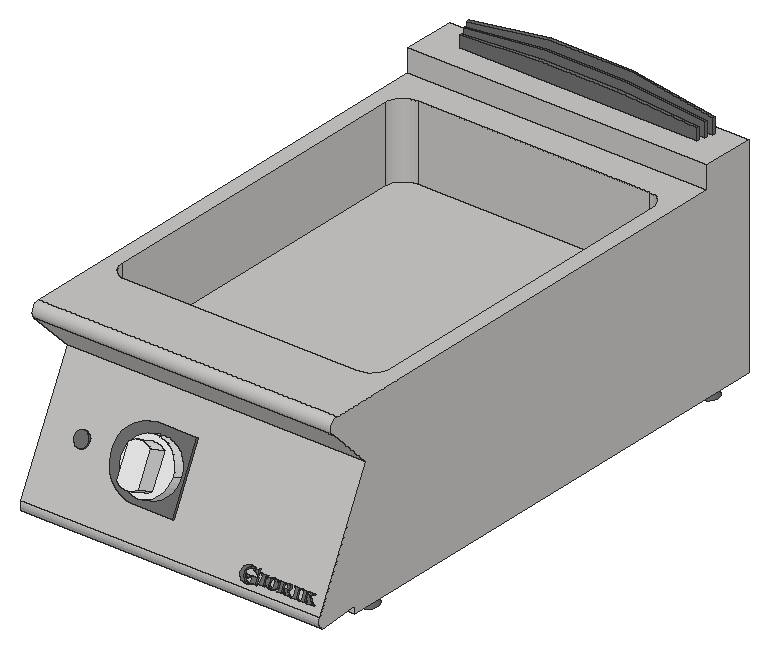
Revit family "QF_GIORIK_SP720T", category Specialty Equipment, Revit 2014
Parameters (values of type "SP720T")
  Weight in Pounds = 0
  Watts = 1380 W
  Volts = 230 V
  URL Cutsheet = "www.giorik.com"
  URL = "www.giorik.com"
  Status [instance] = ""
  Specification by User [instance] = ""
  Specification by Manufacturer = ""
  Show Logo [instance] = yes
  Show Clearance [instance] = yes
  Serial Number = ""
  Seismic Rating = ""
  SMACNA No = ""
  Revision Code [instance] = ""
  Phase = 1
  Number of Poles [instance] = 1
  NAFEM Spec ID Number = ""
  Model = "SP720T"
  Min Ckt Ampacity = 0 A
  Max Overcurrent Protection = 0 A
  Masterspec = ""
  Manufacturer = "GIORIK"
  Item Number [instance] = ""
  Installed By [instance] = ""
  Identify Quantity as Lot [instance] = no
  HP = "1.850607600000"
  Furnished By [instance] = ""
  Foodservice Equipment Identifier [instance] = yes
  FL Amps = 0 A
  Electrical Remarks [instance] = ""
  Electric Connection Type [instance] = ""
  Elec Conn RI Height [instance] = 0 mm
  Elec Conn Connection Height [instance] = 20 mm
  Description = "CHIPS SCUTTLES"
  Cycle = 50 Hz
  Conn Plug = ""
  CSI MasterFormat = ""
  Assembly Code = "E1090320"
  Apparent Power = 1380 VA
Reference planes
  plane 1 "Back": y = 0
  plane 2: z = 0
  plane 3 "Left": x = 0
  plane 4 "Right": x = 400
  plane 5 "Front": y = -720
  plane 6 "Top": z = 300
Forms (mm)
  Extrusion 1, solid, visible <- "Show Logo"
    sketch origin (196.604, -736.761, 9.486) x (-1, 0, 0) y (0, 0.452718, 0.891654)
      loop
        line (-118.824, 58.358) -> (-127.804, 58.358) -> (-125.523, 56.445) -> (-125.523, 48.027) -> (-127.804, 46.113) -> (-118.824, 46.113) -> (-121.105, 48.027) -> (-121.105, 56.445) -> (-118.824, 58.358)
      loop
        line (-163.721, 58.358) -> (-172.7, 58.358) -> (-170.42, 56.445) -> (-170.42, 48.027) -> (-172.7, 46.113) -> (-163.721, 46.113) -> (-166.001, 48.027) -> (-166.001, 56.445) -> (-163.721, 58.358)
      loop
        line (-174.332, 58.358) -> (-183.312, 58.358) -> (-181.031, 56.445) -> (-181.031, 52.435) -> (-186.419, 56.955) -> (-184.416, 58.358) -> (-191.268, 58.358) -> (-188.01, 56.839) -> (-185.455, 54.283) -> (-190.846, 47.858) -> (-193.396, 46.93) -> (-193.396, 46.113) -> (-184.416, 46.113) -> (-185.437, 47.571) -> (-182.443, 51.552) -> (-181.031, 50.894) -> (-181.031, 48.027) -> (-183.312, 46.113) -> (-174.332, 46.113) -> (-176.613, 48.027) -> (-176.613, 56.445) -> (-174.332, 58.358)
      loop
        line (-115.429, 62.063) -> (-115.429, 54.198)
        arc (-115.429, 54.198) -> (-111.618, 57.803) -> (-106.847, 59.986) r 16.039
        arc (-106.847, 59.986) -> (-103.314, 59.837) -> (-100.512, 57.68) r 5.851
        arc (-100.512, 57.68) -> (-98.815, 52.267) -> (-100.512, 46.853) r 9.479
        arc (-100.512, 46.853) -> (-102.406, 44.986) -> (-104.846, 43.93) r 7.236
        arc (-104.846, 43.93) -> (-107.728, 44.111) -> (-110.052, 45.825) r 5.11
        line (-110.052, 45.825) -> (-110.052, 52.001) -> (-116.141, 52.001) -> (-116.141, 45.503) -> (-117.893, 43.751) -> (-114.094, 44.769)
        arc (-114.094, 44.769) -> (-112.56, 44.947) -> (-111.129, 44.366) r 3.115
        arc (-111.129, 44.366) -> (-104.216, 42.091) -> (-97.303, 44.366) r 11.641
        arc (-97.303, 44.366) -> (-93.396, 52.107) -> (-97.303, 59.849) r 9.622
        arc (-97.303, 59.849) -> (-104.369, 62.174) -> (-111.435, 59.849) r 11.898
        line (-111.435, 59.849) -> (-115.429, 62.063)
      loop
        arc (-129.234, 56.068) -> (-135.893, 58.628) -> (-142.552, 56.068) r 9.941
        arc (-142.552, 56.068) -> (-144.234, 52.286) -> (-142.552, 48.505) r 5.093
        arc (-142.552, 48.505) -> (-135.893, 45.945) -> (-129.234, 48.505) r 9.941
        arc (-129.234, 48.505) -> (-127.552, 52.286) -> (-129.234, 56.068) r 5.093
      loop
        arc (-132.628, 54.403) -> (-135.893, 57.668) -> (-139.158, 54.403) r 3.265
        line (-139.158, 54.403) -> (-139.158, 50.169)
        arc (-139.158, 50.169) -> (-135.893, 46.904) -> (-132.628, 50.169) r 3.265
        line (-132.628, 50.169) -> (-132.628, 54.403)
      loop
        arc (-156.363, 58.365) -> (-159.647, 55.081) -> (-156.363, 51.796) r 3.285
        line (-156.363, 51.796) -> (-159.529, 47.306) -> (-162.087, 46.113) -> (-155.847, 46.113) -> (-153.529, 51.083) -> (-150.637, 51.083) -> (-150.637, 47.784) -> (-153.022, 46.113) -> (-144.011, 46.113) -> (-146.094, 47.68) -> (-146.094, 56.493) -> (-144.229, 58.365) -> (-156.363, 58.365)
      loop
        line (-150.637, 57.512) -> (-153.637, 57.512)
        arc (-153.637, 57.512) -> (-156.237, 54.912) -> (-153.637, 52.312) r 2.6
        line (-153.637, 52.312) -> (-150.637, 52.312) -> (-150.637, 57.512)
      loop
        line (-108.924, 52.001) -> (-104.936, 49.005) -> (-100.948, 52.001) -> (-108.924, 52.001)
    from 1.5 to -0.5
  Extrusion 2, solid
    sketch origin (-4, 0, 0) x (1, 0, 0) y (0, 1, 0)
      loop
        circle (54, -385) r 12.5
    from 5 to 20
  Extrusion 3, solid
    sketch origin (0, 1000, -620) x (0, 1, 0) y (0, 0, 1)
      loop
        line (-1000, 919.988) -> (-1070, 919.988) -> (-1070, 889.988) -> (-1688.806, 889.988)
        arc (-1688.806, 889.988) -> (-1699.151, 883.075) -> (-1696.724, 870.873) r 11.197
        line (-1696.724, 870.873) -> (-1640.876, 815.025) -> (-1718.948, 661.258)
        arc (-1718.948, 661.258) -> (-1718.233, 650.105) -> (-1708.118, 645.354) r 10.981
        line (-1708.118, 645.354) -> (-1660, 649.925) -> (-1660, 640) -> (-1000, 640) -> (-1000, 919.988)
    from 0 to 400
  Extrusion 4, solid
    sketch origin (-273.221, -963.345, -547.637) x (1, 0, 0) y (0, 0.452718, 0.891654)
      loop
        line (463.221, 676.25) -> (463.221, 766.25) -> (409.698, 766.25)
        arc (409.698, 766.25) -> (364.698, 721.25) -> (409.698, 676.25) r 45
        line (409.698, 676.25) -> (463.221, 676.25)
    from 48 to 50
  Extrusion 5, solid
    sketch origin (501.331, -1008.697, -525.041) x (-1, 0, 0) y (0, -0.45351, -0.891251)
      loop
        circle (351.331, -721.346) r 35
    from 0 to 15
  Extrusion 6, solid
    sketch origin (501.331, -1008.697, -525.041) x (-1, 0, 0) y (0, -0.45351, -0.891251)
      loop
        arc (336.331, -743.846) -> (351.331, -748.846) -> (366.331, -743.846) r 25
        line (366.331, -743.846) -> (366.331, -698.846)
        arc (366.331, -698.846) -> (351.331, -693.846) -> (336.331, -698.846) r 25
        line (336.331, -698.846) -> (336.331, -743.846)
    from 15 to 40
  Extrusion 7, solid
    sketch origin (-94, 0, -610.001) x (1, 0, 0) y (0, 0, 1)
      loop
        line (135, 909.989) -> (453, 909.989) -> (453, 925.527) -> (347.056, 931.749) -> (240.944, 931.749) -> (135, 925.527) -> (135, 909.989)
    from 32 to 35
  Extrusion 8, solid
    sketch origin (-92, 10, -610.001) x (1, 0, 0) y (0, 0, 1)
      loop
        line (454, 909.989) -> (454, 928.527) -> (346.162, 939.193) -> (237.838, 939.193) -> (130, 928.527) -> (130, 909.989) -> (454, 909.989)
    from 32 to 35
  Extrusion 9, solid
    sketch origin (-90, 20, -610.001) x (1, 0, 0) y (0, 0, 1)
      loop
        line (455, 909.989) -> (455, 930.527) -> (345.396, 947.413) -> (234.604, 947.413) -> (125, 930.527) -> (125, 909.989) -> (455, 909.989)
    from 32 to 35
  Extrusion 10, void
    sketch origin (0, 0, 219.988) x (0, 1, 0) y (-1, 0, 0)
      loop
        arc (-110, -45) -> (-117.322, -27.322) -> (-135, -20) r 25
        line (-135, -20) -> (-575, -20)
        arc (-575, -20) -> (-592.678, -27.322) -> (-600, -45) r 25
        line (-600, -45) -> (-600, -355.035)
        arc (-600, -355.035) -> (-592.678, -372.713) -> (-575, -380.035) r 25
        line (-575, -380.035) -> (-135, -380.035)
        arc (-135, -380.035) -> (-117.322, -372.713) -> (-110, -355.035) r 25
        line (-110, -355.035) -> (-110, -45)
    from -50 to 50
  Extrusion 11, solid
    sketch origin (0, -1005.604, -523.329) x (1, 0, 0) y (0, 0.452718, 0.891654)
      loop
        circle (51.74, 717.652) r 10
    from 0 to 2
  Extrusion 12, solid
    sketch origin (543.603, 45.293, -30) x (0, 1, 0) y (-1, 0, 0)
      loop
        circle (-79.293, 516.603) r 5
    from 41.965 to 50
  Revolve 13, solid
    sketch origin (27, 49.943, -600) x (0, 1, 0) y (0, 0, 1)
      loop
        line (-83.943, 611.965) -> (-94.752, 611.965) -> (-97.943, 600) -> (-83.943, 600) -> (-83.943, 611.965)
      axis (-83.943, 611.965) -> (-83.943, 600)
    angle from 0 to 360
  Extrusion 14, solid
    sketch origin (543.603, -524.707, -30) x (0, 1, 0) y (-1, 0, 0)
      loop
        circle (-79.293, 516.603) r 5
    from 41.965 to 50
  Revolve 15, solid
    sketch origin (27, -520.057, -600) x (0, 1, 0) y (0, 0, 1)
      loop
        line (-83.943, 611.965) -> (-94.752, 611.965) -> (-97.943, 600) -> (-83.943, 600) -> (-83.943, 611.965)
      axis (-83.943, 611.965) -> (-83.943, 600)
    angle from 0 to 360
  Extrusion 16, solid
    sketch origin (-143.603, 45.293, -30) x (0, 1, 0) y (-1, 0, 0)
      loop
        circle (-79.293, -516.603) r 5
    from 41.965 to 50
  Revolve 17, solid
    sketch origin (373, 49.943, -600) x (0, 1, 0) y (0, 0, -1)
      loop
        line (-83.943, -611.965) -> (-83.943, -600) -> (-97.943, -600) -> (-94.752, -611.965) -> (-83.943, -611.965)
      axis (-83.943, -611.965) -> (-83.943, -600)
    angle from 0 to 360
  Extrusion 18, solid
    sketch origin (-143.603, -524.707, -30) x (0, 1, 0) y (-1, 0, 0)
      loop
        circle (-79.293, -516.603) r 5
    from 41.965 to 50
  Revolve 19, solid
    sketch origin (373, -520.057, -600) x (0, 1, 0) y (0, 0, -1)
      loop
        line (-83.943, -611.965) -> (-83.943, -600) -> (-97.943, -600) -> (-94.752, -611.965) -> (-83.943, -611.965)
      axis (-83.943, -611.965) -> (-83.943, -600)
    angle from 0 to 360
Cuts and joins
  Extrusion 10 cuts Extrusion 3
Lines and regions (mm)
  symbolic lines, style "200-EquipBorder-2D"
    curve 1: line (0, -720, 0) -> (400, -720, 0)
    curve 2: line (400, -720, 0) -> (400, 0, 0)
    curve 3: line (400, 0, 0) -> (0, 0, 0)
    curve 4: line (0, 0, 0) -> (0, -720, 0)
  symbolic lines, style "200-EquipInternal-2D"
    curve 5: line (0, -70, 300) -> (400, -70, 300)
    curve 6: line (35, -12, 900) -> (365, -12, 900)
    curve 7: line (365, -12, 900) -> (365, -15, 900)
    curve 8: line (365, -15, 900) -> (35, -15, 900)
    curve 9: line (35, -15, 900) -> (35, -12, 900)
    curve 10: line (38, -22, 900) -> (362, -22, 900)
    curve 11: line (362, -22, 900) -> (362, -25, 900)
    curve 12: line (362, -25, 900) -> (38, -25, 900)
    curve 13: line (38, -25, 900) -> (38, -22, 900)
    curve 14: line (41, -32, 900) -> (359, -32, 900)
    curve 15: line (359, -32, 900) -> (359, -35, 900)
    curve 16: line (359, -35, 900) -> (41, -35, 900)
    curve 17: line (41, -35, 900) -> (41, -32, 900)
    curve 18: line (355, -110, 300) -> (45, -110, 300)
    curve 19: arc (45, -110, 300) -> (27.322, -117.322, 300) -> (20, -135, 300) r 25
    curve 20: line (20, -135, 300) -> (20, -575, 300)
    curve 21: arc (380, -135, 300) -> (372.678, -117.322, 300) -> (355, -110, 300) r 25
    curve 22: line (380, -575, 300) -> (380, -135, 300)
    curve 23: arc (355, -600, 300) -> (372.678, -592.678, 300) -> (380, -575, 300) r 25
    curve 24: line (45, -600, 300) -> (355, -600, 300)
    curve 25: arc (20, -575, 300) -> (27.322, -592.678, 300) -> (45, -600, 300) r 25
Dimensions and locks
  plane 3 "Left" to plane 4 "Right" = 400 mm
  plane 5 "Front" to plane 1 "Back" = 720 mm
  plane 4 "Right" to plane 3 "Left" = 400 mm
  plane 1 "Back" to plane 5 "Front" = 720 mm
  plane 6 "Top" to level = 300 mm  (x2)
  aligned and locked: level to plane 2
Connectors
  electrical at (50, -385, 5), driven by "Apparent Power", driven by "Volts", driven by "Number of Poles"
    settings: on Extrusion 2, index 1, voltage 230 V, apparent load 0 VA, apparent load phase1 1380 VA, apparent load phase2 0 VA, apparent load phase3 0 VA, power factor 1, load classification "Other", number of poles 1, system type 31, power factor state 1, is connector primary yes, connector utility no, sub classification motor no, connector description "Electrical connection"
